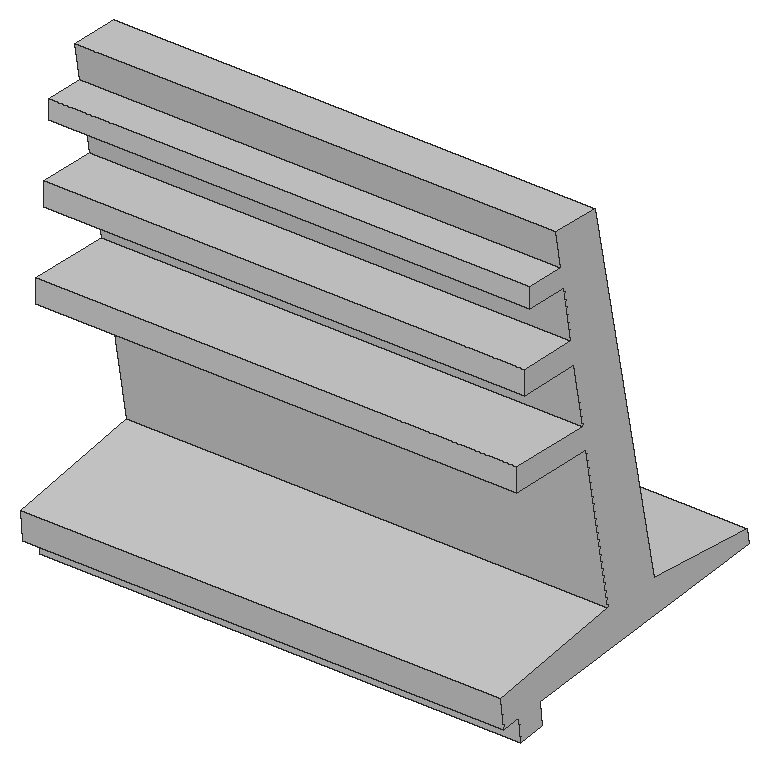
Revit family "M_ParedesdeRetenção_Par_Família_Prateleira3_Chave", category Fundações estruturais, Revit 2019
Family settings
  Material para o comportamento do modelo = Outros
  Cap = Não
  Número OmniClass = 23.10.20.14
  Título OmniClass = Retaining Walls
  ID de item do Seek = RetainingWall_Par_Family_Shelf3_Key-0000-CAN-ENU
  Com base no plano de trabalho = Não
  Sempre na vertical = Sim
  Corte com vazios quando carregada = Não
  Compartilhado = Não
Parameters (values of type "Padrão")
  h7 = h4 - h6  # 3870.587 mm
  h6 = Gw1 * tan(Alfa - Beta)  # -34.963 mm
  h4 = (H - Gf3 * cos(Alfa) + Bw * sin(Alfa)) / cos(Beta)  # 3835.623 mm
  h3 = (H - Gf3 * cos(Alfa) + (Bw + Gw2) * sin(Alfa)) / cos(Beta)  # 3899.308 mm
  h2 = (Bw + Gw2) * sin(Alfa)  # 188.151 mm
  h1 = Gf4 * cos(Alfa)  # 397.809 mm
  TmpBs3 = Gf4 * sin(Alfa) + (Bw + Gw2) * cos(Alfa) + (H - Hs3 - Gs3 - h1 + h2) * sin(Beta) + Bs3  # 3008.111 mm
  TmpBs2 = Gf4 * sin(Alfa) + (Bw + Gw2) * cos(Alfa) + (H - Hs2 - Gs2 - h1 + h2) * sin(Beta) + Bs2  # 2907.448 mm
  TmpBs1 = Gf4 * sin(Alfa) + (Bw + Gw2) * cos(Alfa) + (H - Hs1 - Gs1 - h1 + h2) * sin(Beta) + Bs1  # 2842.894 mm
  Tmp2 = (Bw + Gf3 * tan(Alfa - Gama)) * cos(Alfa - Gama)  # 1161.121 mm
  Tmp1 = (Bw + Gw2 + Gf4 * tan(Alfa - Beta)) * cos(Alfa - Beta)  # 1767.713 mm
  Structural Material [instance] = Concreto - Moldado in loco
  Length [instance] = 5000 mm
  Hs3 = 1960 mm
  Hs2 = 1100 mm
  Hs1 = 360 mm
  Hk = 240 mm
  H = 4000 mm
  Gw2 = 600 mm
  Gw1 = 500 mm
  Gs3 = 240 mm
  Gs2 = 240 mm
  Gs1 = 200 mm
  Gk = 280 mm
  Gf4 = 400 mm
  Gf3 = 350 mm
  Gf2 = 300 mm
  Gf1 = 150 mm
  Gama2 = atan((Gw2 * cos(Alfa - Beta) - Gw1 * cos(Alfa - Beta)) / h7)  # 1.47635°
  Gama = Gama2 + Beta  # 11.4764°
  Bw = 1200 mm
  Bs3 = 900 mm
  Bs2 = 650 mm
  Bs1 = 450 mm
  Bk = 200 mm
  Beta = 10.00°
  B = 3200 mm
  Assembly Code = ""
  Alfa = 6.00°
Reference planes
  plane 1 "Centro (Frente/Trás)": y = 0
  plane 2: z = 0
  plane 3 "Centro (Esquerda/Direita)": x = 0
  plane 4: z = 4000
  plane 5: x = 5000
  plane 6: z = 3640
  plane 7: z = 3440
  plane 8: y = -2842.894
  plane 9: z = 2900
  plane 10: z = 2660
  plane 11: y = -2907.448
  plane 12: z = 2040
  plane 13: z = 1800
  plane 14: y = -3008.111
Forms (mm)
  Sweep 1, solid, material "Concreto - Moldado in loco" <- "Structural Material"
    path origin (0, 0, 0) x (1, 0, 0) y (0, 1, 0)
      loop
        line (0, 0) -> (5000, 0)
    profile "M_Prateleira3-Perfil_Chave : M_Prateleira3-Perfil_Chave" origin (2500, 0, 0) x (0, 1, 0) y (0, 0, 1)
      loop
        line (-1996.899, 4000) -> (-2500.29, 4000) -> (-2436.813, 3640) -> (-2842.894, 3640) -> (-2842.894, 3440) -> (-2401.547, 3440) -> (-2306.331, 2900) -> (-2907.448, 2900) -> (-2907.448, 2660) -> (-2264.012, 2660) -> (-2154.69, 2040) -> (-3008.111, 2040) -> (-3008.111, 1800) -> (-2112.371, 1800) -> (-1831.951, 209.658) -> (-3213.829, -36.135) -> (-3182.47, -334.491) -> (-2983.566, -313.585) -> (-2958.479, -552.271) -> (-2680.013, -523.003) -> (-2705.1, -284.317) -> (0, 0) -> (-15.679, 149.178) -> (-1230.011, 222.649) -> (-1996.899, 4000)
Dimensions and locks
  "H": plane 4 to plane 2
  "Length": plane 3 "Centro (Esquerda/Direita)" to plane 5
  "Hs1": plane 4 to plane 6
  "Gs1": plane 6 to plane 7
  "TmpBs1": plane 8 to plane 1 "Centro (Frente/Trás)"
  "Hs2": plane 4 to plane 9
  "Gs2": plane 9 to plane 10
  "TmpBs2": plane 1 "Centro (Frente/Trás)" to plane 11
  "Hs3": plane 4 to plane 12
  "Gs3": plane 12 to plane 13
  "TmpBs3": plane 1 "Centro (Frente/Trás)" to plane 14
  aligned and locked: plane 3 "Centro (Esquerda/Direita)" to Sweep 1 sketch curve
  aligned and locked: plane 5 to Sweep 1 sketch curve
  aligned and locked: plane 1 "Centro (Frente/Trás)" to Sweep 1 sketch curve
